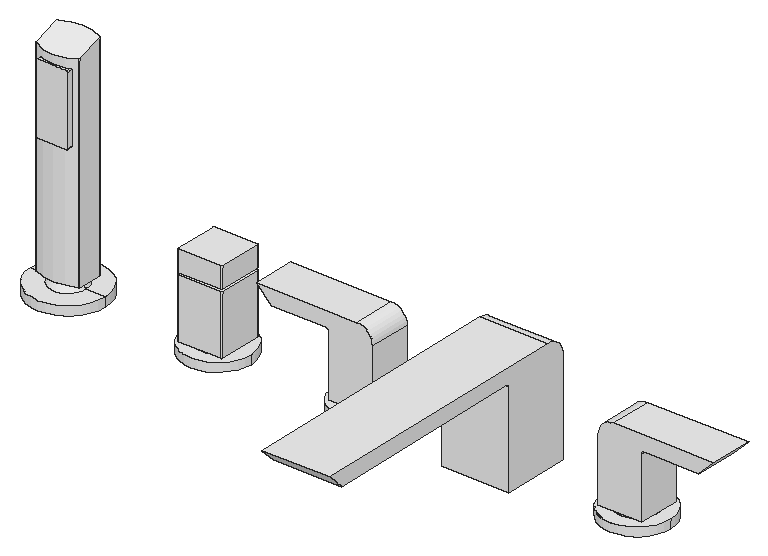
Revit family "Faucet_Contemporary_Soiree_TB960S_TOTO", category Plumbing Fixtures, Revit 2013
Parameters (values of type "TB960S")
  ecoScorecard_data = " "
  ecoScorecard Product Page = "  "
  Width = 23 13/32"  # constant formula
  Waste Connection = no
  Warranty URL = "http://www.totousa.com/warranty-registration"
  Warranty = "Lifetime Limited Warranty (Residential Use); One Year Limited (Commercial Use)"  # constant formula
  Voltage = 0 V
  Vent Connection = yes
  URL = "http://www.totousa.com"
  Toto BIM Number = "BM-00054"  # constant formula
  Subcategory = "Faucets"  # constant formula
  Style = "Contemporary"  # constant formula
  Spec Sheet URL = "http://assets.totousa.com/product-files/SS-00071_TB960S.pdf"
  Sink Holes Applications = ""
  Shipping Weight = 13.20 lbf
  Series = "Soiree"  # constant formula
  Product Page URL = " "
  Parts Manual URL = " "
  Owners Manual URL = "  "
  Number of Poles = 1
  Model = "TB960S"  # constant formula
  Manufacturer Toll Free Phone = "1-888-295-8134"  # constant formula
  Manufacturer Phone = "(770) 282-8686 "  # constant formula
  Manufacturer Fax = "(770) 282-0002"  # constant formula
  Manufacturer Email = "mailto:custservice@totousa.com "
  Manufacturer Address = "1155 Southern Road, Morrow, Georgia 30260"  # constant formula
  Manufacturer = "TOTO USA, Inc."  # constant formula
  Installation URL = " "
  Hot Water Connection NPT Radius = 1/4"
  Height = 7 3/4"  # constant formula
  HWFU = 0
  HW Connection = yes
  Frequency = 0 Hz
  Flow Rate = 0 GPM
  Flow Pressure = 0.00 psi
  Finish = Metal - TOTO - Chrome - Polished
  Description = "5 Hole Deck Bath Trim"  # constant formula
  Depth = 9 7/8"  # constant formula
  Default Elevation = 48"
  Current = 0 A
  Cost Info = "mailto:custservice@totousa.com "
  Color Availability = "#CP Polished Chrome"  # constant formula
  Cold Water Connection NPT Radius = 1/4"
  CWFU = 0
  CW Connection = yes
  CAD Drawing URL = "http://assets.totousa.com/product-files/AD-00014_TB960S.dxf"
  Assembly Code = "D2010310"
  Apparent Power = 0 VA
  ADA Compliant = yes
  95 CSI = "15416"
  04 CSI = "22 41 39"
Reference planes (in)
  plane 1 "Center (Front/Back)": y = 0
  plane 2: z = 0
  plane 3 "Center (Left/Right)": x = 0
  plane 4: z = 7.75
  plane 5: y = -8.625
  plane 6: y = 1.125
  plane 7: x = 7.64062
  plane 8: x = -15.75
Dimensions and locks (in)
  "Height": plane 4 to plane 2
  locked: plane 1 "Center (Front/Back)" to plane 6 at 1.125
  plane 5 to plane 6 = 9 3/4"
  locked: plane 3 "Center (Left/Right)" to plane 7 at 7.64062
  plane 8 to plane 7 = 23 25/64"
  aligned and locked: plane 1 "Center (Front/Back)" to nested 1
  aligned and locked: plane 3 "Center (Left/Right)" to nested 1
  aligned and locked: nested 1 to plane 4
Nested families (in)
  nested 1: "TB960S_TotoUSA" at (0, 0, 0), type "TB960S_TotoUSA"
    with Flow Pressure 0.00 psi
Connectors (in)
  piping at (-4.5, 0, 0), driven by "Hot Water Connection NPT Radius"
    settings: on nested 1, index 1, connector radius 1/4", flow factor 0, pipe flow 0 GPM, pressure drop 0.00 psi, fitting loss kfactor 0, connector angle 0.00°, fixture units 0, engagement length 0", flow configuration 3, flow direction 1, fitting loss method 4, system type 20, joint type 0, gender type 0, connector reference index -1, connector utility 0, adjustable connector no, is connector primary yes, fitting loss table "", connector description "Hot Water Inlet Connection\r\nHot Water Inlet Connection"
  piping at (4.5, 0, 0), driven by "Cold Water Connection NPT Radius"
    settings: on nested 1, index 2, connector radius 1/4", flow factor 0, pipe flow 0 GPM, pressure drop 0.00 psi, fitting loss kfactor 0, connector angle 0.00°, fixture units 0, engagement length 0", flow configuration 3, flow direction 1, fitting loss method 4, system type 20, joint type 0, gender type 0, connector reference index -1, connector utility 0, adjustable connector no, is connector primary no, fitting loss table "", connector description "Cold Water Inlet Connection"
Definition of nested family "TB960S_TotoUSA"
  Parameters (values of type "TB960S_TotoUSA")
    ecoScorecard_data = ""
    ecoScorecard Product Page = ""
    Waste Connection = no
    WFU = 0
    Vent Connection = yes
    URL = "http://www.totousa.com"
    Toto Version = "V.02"  # constant formula
    Toto BIM Number = "BM-00054"  # constant formula
    Subcategory = "Faucets"  # constant formula
    Shipping Weight = 13.25 lbf
    Series = "Soiree"
    Product URL = "http://www.totousa.com/ProductDetail/tabid/75/Default.aspx?ProductId=f9d5f66a-d39e-441b-ba26-0206f9a84715&SearchId=2f07a59f-38f9-4a3e-ad08-dd918577ec35"
    Nominal Width = 23 25/64"  # constant formula
    Nominal Height = 7 3/4"  # constant formula
    Nominal Depth = 9 7/8"  # constant formula
    Model = "TB960S#CP"
    Manufacturer = "TOTO"
    Hot Water Connection Radius = Hot Water Connection NPT / 2  # 1/4"
    Hot Water Connection NPT = 1/2"
    HWFU = 0
    HW Connection = yes
    Flow Pressure [instance] = 0.00 psi
    Faucet Material = Metal - TOTO - Chrome - Polished
    Description = "5 Hole Deck Bath Trim"
    Cold Water Connection Radius = Cold Water Connection NPT / 2  # 1/4"
    Cold Water Connection NPT = 1/2"
    CWFU = 0
    CW Connection = yes
    CADworks URL = "http://www.CADworks.net"
    Assembly Code = "D2010900"
  Reference planes (in)
    plane 1 "Center (Front/Back)": y = 0
    plane 2: z = 0
    plane 3 "Center (Left/Right)": x = 0
    plane 4: z = 3.75
    plane 5: x = 1.125
    plane 6: x = -1.125
    plane 7: x = 4.5
    plane 8: z = 0.28906
    plane 9: z = 0.36719
    plane 10: z = 3
    plane 11: y = -0.71094
    plane 12: y = 0.71094
    plane 13: x = -4.5
    plane 14: x = -9.5
    plane 15: z = 3.125
    plane 16: z = 2.435
    plane 17: z = 2.355
    plane 18: x = -14.5
    plane 19: z = 0.58
    plane 20: z = 7.75
    plane 21: x = -13.77
    plane 22: x = -15.23
    plane 23: x = 7.64062
    plane 24: x = -15.75
    plane 25: y = -8.625
    plane 26: y = 1.25
  Forms (in)
    Extrusion 1, solid, material "Metal - TOTO - Chrome - Polished" <- "Faucet Material"
      sketch origin (0, 0, 0) x (0, 1, 0) y (0, 0, 1)
        loop
          line (1.125, 0) -> (1.125, 3.093)
          arc (1.125, 3.093) -> (0.93257, 3.55757) -> (0.468, 3.75) r 0.657
          line (0.468, 3.75) -> (-8.625, 3.75) -> (-8.125, 3.25) -> (-1.2069, 3.25)
          arc (-1.2069, 3.25) -> (-1.14899, 3.22601) -> (-1.125, 3.1681) r 0.0819
          line (-1.125, 3.1681) -> (-1.125, 0) -> (1.125, 0)
      from 1.125 to -1.125
    Extrusion 2, solid, material "Metal - TOTO - Chrome - Polished" <- "Faucet Material"
      sketch origin (0, 0, 0) x (1, 0, 0) y (0, 1, 0)
        loop
          circle (4.5, 0) r 1.125
      from 0 to 0.28906
    Extrusion 3, solid, material "Metal - TOTO - Chrome - Polished" <- "Faucet Material"
      sketch origin (5.625, -180, 0.28906) x (-1, 0, 0) y (0, -1, 0)
        loop
          circle (1.125, -180) r 0.655
      from 0 to 0.07813
    Extrusion 4, solid, material "Metal - TOTO - Chrome - Polished" <- "Faucet Material"
      sketch origin (0, 0, 0) x (1, 0, 0) y (0, 0, 1)
        loop
          arc (4.295, 3) -> (3.92023, 2.84477) -> (3.765, 2.47) r 0.53
          line (3.765, 2.47) -> (3.765, 0.36719) -> (5.235, 0.36719) -> (5.235, 2.42)
          arc (5.235, 2.42) -> (5.25843, 2.47657) -> (5.315, 2.5) r 0.08
          line (5.315, 2.5) -> (7.14, 2.5) -> (7.64, 3) -> (4.295, 3)
      from -0.71094 to 0.71094
    Extrusion 5, solid, material "Metal - TOTO - Chrome - Polished" <- "Faucet Material"
      sketch origin (0, 0, 0) x (-1, 0, 0) y (0, -1, 0)
        loop
          circle (4.5, 0) r 1.125
      from 0 to 0.28906
    Extrusion 6, solid, material "Metal - TOTO - Chrome - Polished" <- "Faucet Material"
      sketch origin (-5.625, -180, 0.28906) x (1, 0, 0) y (0, 1, 0)
        loop
          circle (1.125, 180) r 0.655
      from 0 to 0.07813
    Extrusion 7, solid, material "Metal - TOTO - Chrome - Polished" <- "Faucet Material"
      sketch origin (0, 0, 0) x (-1, 0, 0) y (0, 0, -1)
        loop
          line (4.295, -3) -> (7.64, -3) -> (7.14, -2.5) -> (5.315, -2.5)
          arc (5.315, -2.5) -> (5.25843, -2.47657) -> (5.235, -2.42) r 0.08
          line (5.235, -2.42) -> (5.235, -0.36719) -> (3.765, -0.36719) -> (3.765, -2.47)
          arc (3.765, -2.47) -> (3.92023, -2.84477) -> (4.295, -3) r 0.53
      from -0.71094 to 0.71094
    Extrusion 8, solid, material "Metal - TOTO - Chrome - Polished" <- "Faucet Material"
      sketch origin (-5, 0, 0) x (-1, 0, 0) y (0, -1, 0)
        loop
          circle (4.5, 0) r 1.125
      from 0 to 0.28906
    Extrusion 9, solid, material "Metal - TOTO - Chrome - Polished" <- "Faucet Material"
      sketch origin (-10.625, -180, 0.28906) x (1, 0, 0) y (0, 1, 0)
        loop
          circle (1.125, 180) r 0.655
      from 0 to 0.07813
    Extrusion 10, solid, material "Metal - TOTO - Chrome - Polished" <- "Faucet Material"
      sketch origin (5.625, -180, 0.36719) x (-1, 0, 0) y (0, -1, 0)
        loop
          line (14.375, -179.28906) -> (14.375, -180.71094)
          arc (14.375, -180.71094) -> (14.38644, -180.73856) -> (14.41406, -180.75) r 0.03906
          line (14.41406, -180.75) -> (15.83594, -180.75)
          arc (15.83594, -180.75) -> (15.86356, -180.73856) -> (15.875, -180.71094) r 0.03906
          line (15.875, -180.71094) -> (15.875, -179.28906)
          arc (15.875, -179.28906) -> (15.86356, -179.26144) -> (15.83594, -179.25) r 0.03906
          line (15.83594, -179.25) -> (14.41406, -179.25)
          arc (14.41406, -179.25) -> (14.38644, -179.26144) -> (14.375, -179.28906) r 0.03906
      from 0 to 2.75781
    Extrusion 11, void
      sketch origin (14, -180, 2.355) x (0, -1, 0) y (-1, 0, 0)
        loop
          line (-179.375, 24.125) -> (-180.625, 24.125) -> (-180.625, 22.875) -> (-179.375, 22.875) -> (-179.375, 24.125)
        loop
          line (-180.75, 24.21094) -> (-180.75, 22.78906)
          arc (-180.75, 22.78906) -> (-180.73856, 22.76144) -> (-180.71094, 22.75) r 0.03906
          line (-180.71094, 22.75) -> (-179.28906, 22.75)
          arc (-179.28906, 22.75) -> (-179.26144, 22.76144) -> (-179.25, 22.78906) r 0.03906
          line (-179.25, 22.78906) -> (-179.25, 24.21094)
          arc (-179.25, 24.21094) -> (-179.26144, 24.23856) -> (-179.28906, 24.25) r 0.03906
          line (-179.28906, 24.25) -> (-180.71094, 24.25)
          arc (-180.71094, 24.25) -> (-180.73856, 24.23856) -> (-180.75, 24.21094) r 0.03906
      from 0 to -0.08
    Revolve 12, solid, material "Metal - TOTO - Chrome - Polished" <- "Faucet Material"
      sketch origin (0, 0, 0) x (1, 0, 0) y (0, 0, 1)
        loop
          line (-13.9, 0.31) -> (-14.0097, 0.5) -> (-14.0897, 0.5) -> (-14.0897, 0.58) -> (-14.5, 0.58) -> (-14.5, 0) -> (-13.25, 0) -> (-13.25, 0.31) -> (-13.9, 0.31)
        axis (-14.5, 0) -> (-14.5, 0.58)
      angle from 0 to 360
    Extrusion 13, solid, material "Metal - TOTO - Chrome - Polished" <- "Faucet Material"
      sketch origin (14, -180, 0.58) x (-1, 0, 0) y (0, -1, 0)
        loop
          line (27.77, -179.59594) -> (27.77, -180.40406)
          arc (27.77, -180.40406) -> (27.7766, -180.42578) -> (27.79417, -180.44017) r 0.03906
          arc (27.79417, -180.44017) -> (28.5, -180.58) -> (29.20583, -180.44017) r 1.85133
          arc (29.20583, -180.44017) -> (29.2234, -180.42578) -> (29.23, -180.40406) r 0.03906
          line (29.23, -180.40406) -> (29.23, -179.59594)
          arc (29.23, -179.59594) -> (29.2234, -179.57422) -> (29.20583, -179.55983) r 0.03906
          arc (29.20583, -179.55983) -> (28.5, -179.42) -> (27.79417, -179.55983) r 1.85133
          arc (27.79417, -179.55983) -> (27.7766, -179.57422) -> (27.77, -179.59594) r 0.03906
      from 0 to 7.17
    Sweep 14, void
      path origin (0, 0, 0) x (1, 0, 0) y (0, 0, 1)
        loop
          line (-15.23, 7.75) -> (-13.77, 7.75)
      profile origin (-14.5, 0, 7.75) x (0, 0, 1) y (0, -1, 0)
        loop
          line (0, -0.58) -> (0, 0.58) -> (-0.384, 0.58) -> (0, -0.58)
    Extrusion 15, solid, material "Metal - TOTO - Chrome - Polished" <- "Faucet Material"
      sketch origin (0, -0.71094, 3) x (0, 0, -1) y (-1, 0, 0)
        loop
          line (-4.09, 14.98094) -> (-4.09, 14.01906)
          arc (-4.09, 14.01906) -> (-4.07856, 13.99144) -> (-4.05094, 13.98) r 0.03906
          line (-4.05094, 13.98) -> (-1.76906, 13.98)
          arc (-1.76906, 13.98) -> (-1.74144, 13.99144) -> (-1.73, 14.01906) r 0.03906
          line (-1.73, 14.01906) -> (-1.73, 14.98094)
          arc (-1.73, 14.98094) -> (-1.74144, 15.00856) -> (-1.76906, 15.02) r 0.03906
          line (-1.76906, 15.02) -> (-4.05094, 15.02)
          arc (-4.05094, 15.02) -> (-4.07856, 15.00856) -> (-4.09, 14.98094) r 0.03906
      from 0.06454 to 0.20231
  Cuts and joins
    Extrusion 11 cuts Extrusion 10
    Sweep 14 cuts Extrusion 13
  Dimensions and locks (in)
    locked: plane 4 to plane 2 at 3.75
    equal spacing: Extrusion 1 sketch curve, plane 1 "Center (Front/Back)", Extrusion 1 sketch curve, locked at 1.125 each
    locked: plane 4 to Extrusion 1 sketch curve at 0.5
    locked: plane 1 "Center (Front/Back)" to Extrusion 1 sketch curve at 8.625
    locked: plane 1 "Center (Front/Back)" to Extrusion 1 sketch curve at 8.125
    equal spacing: plane 6, plane 3 "Center (Left/Right)", plane 5, locked at 1.125 each
    locked: plane 6 to plane 5 at 2.25
    locked: plane 3 "Center (Left/Right)" to plane 7 at 4.5
    locked: plane 8 to plane 2 at 0.28906
    locked: plane 9 to plane 8 at 0.07813
    locked: plane 10 to plane 2 at 3
    equal spacing: Extrusion 4 sketch curve, plane 7, Extrusion 4 sketch curve, locked at 0.735 each
    locked: plane 10 to Extrusion 4 sketch curve at 0.5
    locked: plane 7 to Extrusion 4 sketch curve at 2.64
    locked: plane 7 to Extrusion 4 sketch curve at 3.14
    equal spacing: plane 12, plane 1 "Center (Front/Back)", plane 11
    locked: plane 12 to plane 11 at 1.42188
    locked: plane 13 to plane 3 "Center (Left/Right)" at 4.5
    equal spacing: Extrusion 7 sketch curve, plane 13, Extrusion 7 sketch curve, locked at 0.735 each
    locked: plane 10 to Extrusion 7 sketch curve at 0.5
    locked: plane 13 to Extrusion 7 sketch curve at 3.14
    locked: plane 13 to Extrusion 7 sketch curve at 2.64
    locked: plane 14 to plane 13 at 5
    locked: plane 1 "Center (Front/Back)" to Extrusion 2 sketch curve at 0
    locked: Extrusion 2 sketch curve to plane 7 at 0
    locked: plane 1 "Center (Front/Back)" to Extrusion 3 sketch curve at 0
    locked: Extrusion 3 sketch curve to plane 7 at 0
    locked: plane 1 "Center (Front/Back)" to Extrusion 5 sketch curve at 0
    locked: Extrusion 5 sketch curve to plane 13 at 0
    locked: plane 1 "Center (Front/Back)" to Extrusion 6 sketch curve at 0
    locked: Extrusion 6 sketch curve to plane 13 at 0
    locked: plane 1 "Center (Front/Back)" to Extrusion 8 sketch curve at 0
    locked: Extrusion 8 sketch curve to plane 14 at 0
    locked: plane 1 "Center (Front/Back)" to Extrusion 9 sketch curve at 0
    locked: Extrusion 9 sketch curve to plane 14 at 0
    locked: plane 15 to plane 2 at 3.125
    equal spacing: Extrusion 10 sketch curve, plane 1 "Center (Front/Back)", Extrusion 10 sketch curve, locked at 0.75 each
    equal spacing: Extrusion 10 sketch curve, plane 14, Extrusion 10 sketch curve, locked at 0.75 each
    locked: plane 15 to plane 16 at 0.69
    locked: plane 16 to plane 17 at 0.08
    equal spacing: Extrusion 11 sketch curve, plane 14, Extrusion 11 sketch curve, locked at 0.625 each
    equal spacing: Extrusion 11 sketch curve, plane 1 "Center (Front/Back)", Extrusion 11 sketch curve, locked at 0.625 each
    locked: plane 18 to plane 14 at 5
    locked: Revolve 12 sketch curve to plane 18 at 1.25
    locked: Revolve 12 sketch curve to plane 2 at 0.31
    locked: Revolve 12 sketch curve to plane 18 at 0.4103
    locked: Revolve 12 sketch curve to plane 18 at 0.4903
    locked: Revolve 12 sketch curve to plane 18 at 0.6
    locked: plane 19 to plane 2 at 0.58
    "Nominal Height": plane 20 to plane 2
    equal spacing: Extrusion 13 sketch curve, plane 1 "Center (Front/Back)", Extrusion 13 sketch curve, locked at 0.58 each
    equal spacing: plane 22, plane 18, plane 21, locked at 0.73 each
    locked: plane 20 to Sweep 14 sketch curve at 0.384
    Sweep 14 sketch curve to plane 1 "Center (Front/Back)" to Sweep 14 sketch curve = 0.58" locked, 0.58" locked
    locked: plane 20 to Extrusion 15 sketch curve at 0.66
    locked: Extrusion 15 sketch curve to Extrusion 15 sketch curve at 2.36
    equal spacing: Extrusion 15 sketch curve, plane 18, Extrusion 15 sketch curve, locked at 0.52 each
    Extrusion 15 to Extrusion 15 to plane 11 = 0.13777" locked, 0.06454" locked
    locked: plane 24 to plane 3 "Center (Left/Right)" at 15.75
    "Nominal Width": plane 24 to plane 23
    locked: plane 25 to plane 1 "Center (Front/Back)" at 8.625
    "Nominal Depth": plane 26 to plane 25
    radius of Extrusion 1 sketch curve = 0.657"
    radius of Extrusion 1 sketch curve = 0.0819"
    radius of Extrusion 3 sketch curve = 0.655"
    radius of Extrusion 2 sketch curve = 1 1/8"
    radius of Extrusion 4 sketch curve = 0.53"
    radius of Extrusion 4 sketch curve = 0.08"
    radius of Extrusion 6 sketch curve = 0.655"
    radius of Extrusion 5 sketch curve = 1 1/8"
    radius of Extrusion 7 sketch curve = 0.53"
    radius of Extrusion 7 sketch curve = 0.08"
    radius of Extrusion 9 sketch curve = 0.655"
    radius of Extrusion 8 sketch curve = 1 1/8"
    radius of Extrusion 10 sketch curve = 5/128"  (x4)
    aligned and locked: Extrusion 1 sketch curve to plane 4
    aligned and locked: Extrusion 1 sketch curve to plane 2
    aligned and locked: Extrusion 1 to plane 5
    aligned and locked: Extrusion 1 to plane 6
    aligned and locked: Extrusion 2 to plane 2
    aligned and locked: plane 8 to Extrusion 2
    aligned and locked: Extrusion 3 to Extrusion 2
    aligned and locked: plane 9 to Extrusion 3
    aligned and locked: Extrusion 4 sketch curve to plane 10
    aligned and locked: plane 9 to Extrusion 4 sketch curve
    aligned and locked: Extrusion 4 to plane 11
    aligned and locked: Extrusion 4 to plane 12
    aligned and locked: Extrusion 5 to Extrusion 6
    aligned and locked: plane 8 to Extrusion 5
    aligned and locked: Extrusion 5 to plane 2
    aligned and locked: plane 9 to Extrusion 6
    aligned and locked: Extrusion 7 to plane 9
    aligned and locked: plane 10 to Extrusion 7 sketch curve
    aligned and locked: Extrusion 7 to plane 11
    aligned and locked: Extrusion 7 to plane 12
    aligned and locked: Extrusion 8 to Extrusion 9
    aligned and locked: plane 8 to Extrusion 8
    aligned and locked: Extrusion 8 to plane 2
    aligned and locked: plane 9 to Extrusion 9
    aligned and locked: plane 15 to Extrusion 10
    aligned and locked: Extrusion 10 to plane 9
    aligned and locked: Extrusion 11 sketch curve to Extrusion 10  (x4)
    aligned and locked: Extrusion 11 to plane 17
    aligned and locked: plane 16 to Extrusion 11
    aligned and locked: Revolve 12 sketch curve to plane 2
    aligned and locked: Revolve 12 sketch curve to plane 18
    aligned and locked: plane 18 to Revolve 12 sketch curve
    aligned and locked: plane 19 to Revolve 12 sketch curve
    aligned and locked: Extrusion 13 to plane 19
    aligned and locked: plane 20 to Extrusion 13
    aligned and locked: plane 21 to Sweep 14 sketch curve
    aligned and locked: plane 22 to Sweep 14 sketch curve
    aligned and locked: Sweep 14 sketch curve to plane 20  (x2)
    aligned: Extrusion 15 to plane 11
    aligned and locked: plane 21 to cut or joined group of Extrusion 13, Sweep 14
    aligned and locked: cut or joined group of Extrusion 13, Sweep 14 to plane 22
  Automatic sketch dimensions
    Extrusion 1 sketch curve to plane 11 = 0.49596"
    Extrusion 4 sketch curve to plane 7 = 0.815"
    Extrusion 7 sketch curve to plane 9 = 0"
    plane 13 to Extrusion 7 sketch curve = 0.815"
    Extrusion 10 sketch curve to plane 11 = 0"
    plane 14 to Extrusion 10 sketch curve = 3/4"
    plane 12 to Extrusion 11 sketch curve = 11/128"
    Extrusion 11 sketch curve to Extrusion 11 sketch curve = 11/128"
    Revolve 12 sketch curve to Revolve 12 sketch curve = 0.08"
    Revolve 12 sketch curve to Revolve 12 sketch curve = 0.76923"
    Revolve 12 sketch curve to Revolve 12 sketch curve = 1/2"
    Extrusion 13 sketch curve to plane 18 = 0"  (x2)
    plane 11 to Extrusion 13 sketch curve = 0.30688"  (x2)
    Extrusion 13 sketch curve to Extrusion 13 sketch curve = 0.01489"  (x3)
    Extrusion 13 sketch curve to Extrusion 13 sketch curve = 0"  (x4)
    Extrusion 13 sketch curve to Extrusion 13 sketch curve = 5/128"
    plane 12 to Extrusion 13 sketch curve = 0.27077"
    plane 18 to Extrusion 13 sketch curve = 0.69094"
    Extrusion 13 sketch curve to Extrusion 13 sketch curve = 0.02417"
    Extrusion 15 sketch curve to Extrusion 15 sketch curve = 5/128"  (x4)
    Extrusion 15 sketch curve to plane 21 = 0.21"
